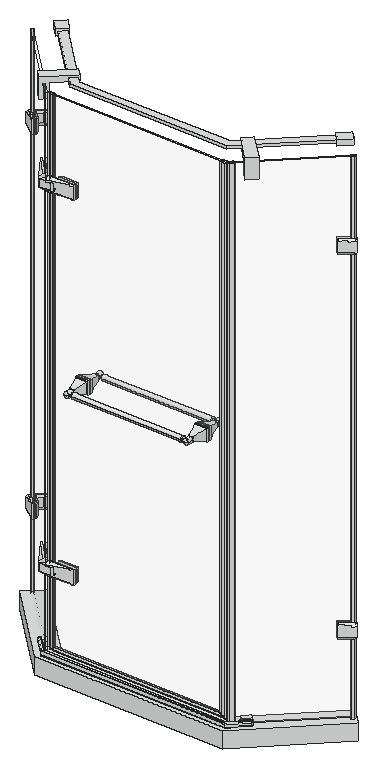
Revit family "Shower-Shower_Door-KOHLER-NEW_MEMOIRS-K-76570T_1", category Specialty Equipment, host Face, Revit 2017 (continued)
Definition of nested family "K-76570T"
  Forms (in)
    Blend 93, solid, material <- "Material", detail levels coarse
      top sketch origin (0, -27.19933, 0) x (1, 0, 0) y (0, 0, -1)
        loop
          arc (-7.56892, -39.84929) -> (-7.8518, -39.7375) -> (-8.1316, -39.8568) r 0.40033
          arc (-8.1316, -39.8568) -> (-8.24678, -40.13912) -> (-8.12973, -40.42067) r 0.40033
      from 13.75714 to 16.86747
    Blend 94, solid, material <- "Material", detail levels coarse
      base sketch origin (2.00787, -27.19933, 0) x (-1, 0, 0) y (0, 0, 1)
        loop
          line (-8.77165, 41.06299) -> (-8.77165, 39.2126) -> (-6.92126, 39.2126) -> (-6.92126, 41.06299) -> (-8.77165, 41.06299)
      top sketch origin (2.00787, -27.19933, 0) x (-1, 0, 0) y (0, 0, 1)
        loop
          arc (-8.12973, 40.42067) -> (-8.24678, 40.13912) -> (-8.1316, 39.8568) r 0.40033
          arc (-8.1316, 39.8568) -> (-7.8518, 39.7375) -> (-7.56892, 39.84929) r 0.40033
          arc (-7.56892, 39.84929) -> (-7.44613, 40.13575) -> (-7.56598, 40.42345) r 0.40033
          arc (-7.56598, 40.42345) -> (-7.84843, 40.53812) -> (-8.12973, 40.42067) r 0.40033
      from 13.75714 to 16.86747
    Extrusion 95, solid, material <- "Material", detail levels coarse
      sketch origin (0, -27.19933, 0) x (0, -1, 0) y (0, 0, -1)
        loop
          circle (-16.38643, -40.1378) r 0.21923
      from -7.76403 to 9.84252
    Extrusion 96, solid, detail levels coarse
      sketch origin (0, 0, 0) x (1, 0, 0) y (0, 1, 0)
        loop
          line (-23.77652, -3.45675) -> (-13.58996, -13.64331) -> (-13.36725, -13.4206) -> (-23.55381, -3.23404) -> (-23.77652, -3.45675)
      from 0 to 77.16535
    Extrusion 97, solid, detail levels coarse
      sketch origin (0, 0, 0) x (1, 0, 0) y (0, 1, 0)
        loop
          line (-12.32876, -13.75714) -> (12.50771, -13.75714) -> (12.50771, -13.44218) -> (-12.32876, -13.44218) -> (-12.32876, -13.75714)
      from 3.74367 to 77.16535
    Extrusion 98, solid, detail levels coarse
      sketch origin (0, 0, 0) x (1, 0, 0) y (0, 1, 0)
        loop
          line (14.16718, -13.06609) -> (23.77652, -3.45675) -> (23.55381, -3.23404) -> (13.94446, -12.84338) -> (14.16718, -13.06609)
      from 0 to 77.16535
    Extrusion 99, solid, material <- "Material", detail levels coarse
      sketch origin (0, 0, 0) x (1, 0, 0) y (0, 0, 1)
        loop
          circle (-7.84646, 40.1378) r 0.19685
        loop
          circle (9.85433, 40.1378) r 0.19685
      from 13.44218 to 13.75714
  Cuts and joins
    Sweep 15, Sweep 18, Sweep 21 cuts Extrusion 14
    Sweep 18, Sweep 24 cuts Extrusion 17
    Sweep 21 cuts Extrusion 20
    Sweep 24 cuts Extrusion 23
    Extrusion 30, Extrusion 36 cuts Blend 28
    Extrusion 36 cuts Extrusion 10
    joined: Extrusion 9, Extrusion 10, Extrusion 11
    Extrusion 36 cuts Blend 34
    Extrusion 40, Extrusion 41, Extrusion 46, Extrusion 47, Extrusion 52, Extrusion 53 cuts Sweep 38
    Extrusion 46, Extrusion 52, Extrusion 53 cuts Revolve 39
    Extrusion 52 cuts Revolve 42
    Extrusion 40, Extrusion 41, Extrusion 46, Extrusion 47, Extrusion 52, Extrusion 53 cuts Extrusion 43
    Extrusion 46, Extrusion 47, Extrusion 58, Extrusion 59 cuts Sweep 44
    Extrusion 58 cuts Revolve 45
    Extrusion 46, Extrusion 47, Extrusion 58, Extrusion 59 cuts Extrusion 48
    joined: Sweep 38, Revolve 39, Revolve 42, Extrusion 43, Sweep 44, Revolve 45, Extrusion 48
    Extrusion 52, Extrusion 53 cuts Sweep 50
    Extrusion 52, Extrusion 53 cuts Extrusion 55
    Extrusion 58, Extrusion 59 cuts Sweep 56
    Extrusion 58, Extrusion 59 cuts Extrusion 60
    joined: Sweep 50, Revolve 51, Revolve 54, Extrusion 55, Sweep 56, Revolve 57, Extrusion 60
    joined: Revolve 66, Revolve 67, Revolve 68, Revolve 69
    joined: Extrusion 2, Extrusion 3, Extrusion 4, Extrusion 5, Extrusion 6
    joined: Sweep 7, Extrusion 8, Extrusion 12, Extrusion 37, Revolve 70, Revolve 71
    joined: Extrusion 62, Extrusion 63, Extrusion 64, Extrusion 65
    joined: Extrusion 96, Extrusion 97, Extrusion 98
    joined: Extrusion 72, Extrusion 73, Extrusion 74, Extrusion 75, Extrusion 76, Extrusion 77, Extrusion 78, Extrusion 79, Extrusion 80, Extrusion 81, Extrusion 82, Extrusion 83, Extrusion 84, Extrusion 85, Extrusion 86, Extrusion 87, Extrusion 88, Extrusion 89, Blend 90, Blend 91, Extrusion 92, Blend 93, Blend 94, Extrusion 95, Extrusion 99
  Lines and regions (in)
    Masking region 1
      outline origin (0, 0, 0) x (1, 0, 0) y (0, 1, 0)
        loop
          line (-22.74843, -1.5896) -> (-25.05906, -3.90022) -> (-13.97908, -14.9802) -> (-8.34197, -14.9802)
          arc (-8.34197, -14.9802) -> (-8.2457, -15.45837) -> (-8.18603, -15.94246) r 6.41598
          line (-8.18603, -15.94246) -> (-8.16876, -15.96806) -> (-8.24679, -16.06105) -> (-8.24679, -16.7406)
          arc (-8.24679, -16.7406) -> (-7.84646, -16.88976) -> (-7.44613, -16.7406) r 0.61178
          line (-7.44613, -16.7406) -> (-7.44613, -16.60566) -> (-7.085, -16.60566) -> (-7.085, -16.77245) -> (0.83053, -16.77245) -> (9.09287, -16.77245) -> (9.09287, -16.60566) -> (9.454, -16.60566) -> (9.454, -16.7406)
          arc (9.454, -16.7406) -> (9.85433, -16.88976) -> (10.25466, -16.7406) r 0.61178
          line (10.25466, -16.7406) -> (10.25466, -16.06105) -> (10.17664, -15.96806) -> (10.1939, -15.94246)
          arc (10.1939, -15.94246) -> (10.25357, -15.45837) -> (10.34985, -14.9802) r 6.41598
          line (10.34985, -14.9802) -> (13.97908, -14.9802) -> (25.05906, -3.90022) -> (22.74843, -1.5896) -> (22.63179, -1.70624)
          arc (22.63179, -1.70624) -> (22.64961, -1.77064) -> (22.67117, -1.83389) r 1.13958
          line (22.67117, -1.83389) -> (14.74476, -9.7603) -> (14.46359, -9.47913) -> (14.04601, -9.06155) -> (20.74125, -2.3663) -> (20.88044, -2.5055) -> (22.27239, -1.11355) -> (21.15883, 0) -> (19.76689, -1.39194) -> (19.90608, -1.53114) -> (13.21084, -8.22638) -> (13.07165, -8.08719) -> (11.95809, -9.20074) -> (12.09729, -9.33993) -> (11.22189, -10.21533) -> (-11.22189, -10.21533) -> (-12.09729, -9.33993) -> (-11.95809, -9.20074) -> (-13.07165, -8.08719) -> (-13.21084, -8.22638) -> (-19.90608, -1.53114) -> (-19.76689, -1.39194) -> (-21.15883, 0) -> (-22.27239, -1.11355) -> (-20.88044, -2.5055) -> (-20.74125, -2.3663) -> (-14.04601, -9.06155) -> (-14.46359, -9.47913) -> (-14.74476, -9.7603) -> (-22.67117, -1.83389)
          arc (-22.67117, -1.83389) -> (-22.64961, -1.77064) -> (-22.63179, -1.70624) r 1.13958
          line (-22.63179, -1.70624) -> (-22.74843, -1.5896)
        loop
          line (-7.44613, -16.06105) -> (-7.44613, -16.16721) -> (-7.085, -16.16721) -> (-7.085, -16.00042) -> (0.92672, -16.00042) -> (9.09287, -16.00042) -> (9.09287, -16.16721) -> (9.454, -16.16721) -> (9.454, -16.06105) -> (9.53203, -15.96806) -> (9.51476, -15.94246)
          arc (9.51476, -15.94246) -> (9.45509, -15.45837) -> (9.35881, -14.9802) r 6.41598
          line (9.35881, -14.9802) -> (-7.35094, -14.9802)
          arc (-7.35094, -14.9802) -> (-7.44721, -15.45837) -> (-7.50689, -15.94246) r 6.41598
          line (-7.50689, -15.94246) -> (-7.52415, -15.96806) -> (-7.44613, -16.06105)
        loop
          line (-12.93245, -10.1751) -> (-13.63121, -10.87385) -> (-12.67586, -11.8292) -> (-8.26073, -11.8292)
          arc (-8.26073, -11.8292) -> (-8.22641, -11.61334) -> (-8.19947, -11.39643) r 6.41598
          line (-8.19947, -11.39643) -> (-11.71112, -11.39643) -> (-12.93245, -10.1751)
        loop
          line (12.66768, -11.8292) -> (13.62712, -10.86976) -> (12.93393, -10.17658) -> (11.71408, -11.39643) -> (10.20734, -11.39643)
          arc (10.20734, -11.39643) -> (10.23429, -11.61334) -> (10.26861, -11.8292) r 6.41598
          line (10.26861, -11.8292) -> (12.66768, -11.8292)
        loop
          arc (-7.49345, -11.39643) -> (-7.4665, -11.61334) -> (-7.43218, -11.8292) r 6.41598
          line (-7.43218, -11.8292) -> (9.44005, -11.8292)
          arc (9.44005, -11.8292) -> (9.47437, -11.61334) -> (9.50132, -11.39643) r 6.41598
          line (9.50132, -11.39643) -> (-7.49345, -11.39643)
    Masking region 2
      outline origin (0, 0, 0) x (1, 0, 0) y (0, 0, 1)
        loop
          line (-19.76689, 77.99213) -> (-22.27239, 77.99213) -> (-22.27239, 77.16535) -> (-24.14446, 77.16535) -> (-24.14446, 66.33146) -> (-24.31601, 66.33146) -> (-24.62351, 66.07664) -> (-24.62351, 64.63202) -> (-24.29881, 64.36295) -> (-24.14446, 64.36295) -> (-24.14446, 16.73849) -> (-24.14446, 15.14984) -> (-24.31551, 15.14984) -> (-24.62351, 14.89462) -> (-24.62351, 13.44999) -> (-24.30116, 13.18288) -> (-24.14446, 13.18288) -> (-24.14446, 2.3622) -> (-25.05906, 2.3622) -> (-25.05906, 0) -> (1.26232, 0) -> (25.05496, 0) -> (25.05496, 2.3622) -> (24.14037, 2.3622) -> (24.14037, 13.18288) -> (24.29707, 13.18288) -> (24.61942, 13.44999) -> (24.61942, 14.89462) -> (24.31142, 15.14984) -> (24.14037, 15.14984) -> (24.14037, 16.73849) -> (24.14037, 64.36295) -> (24.29472, 64.36295) -> (24.61942, 64.63202) -> (24.61942, 66.07664) -> (24.31191, 66.33146) -> (24.14037, 66.33146) -> (24.14037, 77.16535) -> (22.2683, 77.16535) -> (22.2683, 77.99213) -> (19.7628, 77.99213) -> (19.7628, 77.80315) -> (16.44293, 77.80315) -> (16.44293, 77.99213) -> (11.95809, 77.99213) -> (11.95809, 77.80315) -> (-11.95809, 77.80315) -> (-11.95809, 77.99213) -> (-16.44293, 77.99213) -> (-16.44293, 77.80315) -> (-19.76689, 77.80315) -> (-19.76689, 77.99213)
        loop
          line (-19.76689, 77.16535) -> (-16.44293, 77.16535) -> (-16.44293, 77.40945) -> (-19.76689, 77.40945) -> (-19.76689, 77.16535)
        loop
          line (-11.95809, 77.16535) -> (11.95809, 77.16535) -> (11.95809, 77.40945) -> (-11.95809, 77.40945) -> (-11.95809, 77.16535)
        loop
          line (19.76689, 77.40945) -> (16.44293, 77.40945) -> (16.44293, 77.16535) -> (19.76689, 77.16535) -> (19.76689, 77.40945)
        loop
          line (-12.76573, 3.30709) -> (-13.18395, 3.30709) -> (-13.18395, 2.95285) -> (-12.76573, 2.95285) -> (-12.76573, 3.30709)
        loop
          line (13.02167, 3.30709) -> (13.02167, 2.95285) -> (13.3578, 2.95285) -> (13.3578, 3.30709) -> (13.02167, 3.30709)
    Masking region 3
      outline origin (0, 0, 0) x (0, 1, 0) y (0, 0, 1)
        loop
          line (-8.08719, 77.99213) -> (-12.57202, 77.99213) -> (-12.57202, 77.16535) -> (-13.87497, 77.16535) -> (-13.87497, 66.33858) -> (-14.02637, 66.33858) -> (-14.52962, 66.04331) -> (-14.52962, 65.88583) -> (-14.42981, 65.88583) -> (-14.42981, 64.82283) -> (-14.52962, 64.82283) -> (-14.52962, 64.66535) -> (-14.02637, 64.37008) -> (-13.87497, 64.37008) -> (-13.87497, 41.03477)
          arc (-13.87497, 41.03477) -> (-13.89063, 41.02766) -> (-13.90594, 41.01981) r 0.36262
          line (-13.90594, 41.01981) -> (-13.90594, 40.96232) -> (-13.98286, 40.96232)
          arc (-13.98286, 40.96232) -> (-14.94263, 40.6425) -> (-15.94074, 40.47751) r 6.41598
          line (-15.94074, 40.47751) -> (-15.96129, 40.45317) -> (-16.06105, 40.53741) -> (-16.7406, 40.53741)
          arc (-16.7406, 40.53741) -> (-16.88976, 40.1378) -> (-16.7406, 39.73818) r 0.60986
          line (-16.7406, 39.73818) -> (-16.06105, 39.73818) -> (-15.96129, 39.82242) -> (-15.94074, 39.79808)
          arc (-15.94074, 39.79808) -> (-14.94263, 39.6331) -> (-13.98286, 39.31328) r 6.41598
          line (-13.98286, 39.31328) -> (-13.90594, 39.31328) -> (-13.90594, 39.25578)
          arc (-13.90594, 39.25578) -> (-13.89063, 39.24793) -> (-13.87497, 39.24082) r 0.36262
          line (-13.87497, 39.24082) -> (-13.87497, 15.15748) -> (-14.02637, 15.15748) -> (-14.52962, 14.8622) -> (-14.52962, 14.70472) -> (-14.42981, 14.70472) -> (-14.42981, 13.64173) -> (-14.52962, 13.64173) -> (-14.52962, 13.48425) -> (-14.02637, 13.18898) -> (-13.87497, 13.18898) -> (-13.87497, 3.30709) -> (-13.83837, 3.30709) -> (-13.83837, 2.95276) -> (-14.30412, 2.95276)
          arc (-14.30412, 2.95276) -> (-14.31955, 2.94636) -> (-14.32595, 2.93093) r 0.02183
          line (-14.32595, 2.93093) -> (-14.32595, 2.3622) -> (-14.9802, 2.3622) -> (-14.9802, 0) -> (-1.67311, 0) -> (-1.67311, 2.3622) -> (-2.86575, 2.3622) -> (-2.86575, 13.18898) -> (-1.5896, 13.18898) -> (-1.5896, 15.15748) -> (-2.86575, 15.15748) -> (-2.86575, 64.37008) -> (-1.5896, 64.37008) -> (-1.5896, 66.33858) -> (-2.86575, 66.33858) -> (-2.86575, 77.16535) -> (-8.08719, 77.16535) -> (-8.08719, 77.40945) -> (-2.5055, 77.40945) -> (-2.5055, 77.16535) -> (0, 77.16535) -> (0, 77.99213) -> (-2.5055, 77.99213) -> (-2.5055, 77.80315) -> (-8.08719, 77.80315) -> (-8.08719, 77.99213)
    symbolic lines, detail levels medium+fine
      curve 1: line (-20.88044, -2.5055, 0) -> (-19.76689, -1.39194, 0)
      curve 2: line (-13.21084, -8.22638, 0) -> (-14.04601, -9.06155, 0)
      curve 3: line (-16.44293, -11.45847, 0) -> (-15.32938, -12.57202, 0)
      curve 4: line (-15.32938, -12.57202, 0) -> (-13.63121, -10.87385, 0)
      curve 5: line (-13.18395, -13.6039, 0) -> (-14.7726, -12.01525, 0)
      curve 6: line (-24.03556, -3.19771, 0) -> (-16.10886, -11.1244, 0)
      curve 7: line (-22.31704, -4.19083, 0) -> (-23.71063, -2.79724, 0)
      curve 8: line (-23.48951, -2.79724, 0) -> (-22.93273, -2.24047, 0)
      curve 9: arc (-22.93273, -2.24047, 0) -> (-22.7498, -2.00128, 0) -> (-22.63591, -1.72253, 0) r 1.13958
      curve 10: line (-23.48951, -2.79724, 0) -> (-23.71063, -2.79724, 0)
      curve 11: line (-23.71063, -2.79724, 0) -> (-22.63591, -1.72253, 0)
      curve 12: arc (-22.3046, -4.23269, 0) -> (-22.44217, -3.90825, 0) -> (-22.65748, -3.62927, 0) r 1.37905
      curve 13: line (-22.65748, -3.62927, 0) -> (-23.48951, -2.79724, 0)
      curve 14: line (-22.42988, -4.35797, 0) -> (-22.3046, -4.23269, 0)
      curve 15: line (-24.03556, -3.15511, 0) -> (-23.85642, -2.97597, 0)
      curve 16: arc (-23.79037, -2.93331, 0) -> (-24.08497, -2.92559, 0) -> (-24.07725, -3.22018, 0) r 0.20313
      curve 17: arc (-23.85642, -2.97597, 0) -> (-23.83415, -2.96675, 0) -> (-23.81187, -2.97597, 0) r 0.0315
      curve 18: arc (-24.03556, -3.19771, 0) -> (-24.04438, -3.17641, 0) -> (-24.03556, -3.15511, 0) r 0.03012
      curve 19: line (-24.07725, -3.22018, 0) -> (-23.8106, -3.46028, 0)
      curve 20: arc (-23.8106, -3.46028, 0) -> (-23.79278, -3.46609, 0) -> (-23.77652, -3.45675, 0) r 0.02309
      curve 21: line (-23.55011, -3.20015, 0) -> (-23.79037, -2.93331, 0)
      curve 22: arc (-23.55306, -3.23478, 0) -> (-23.54408, -3.2181, 0) -> (-23.55011, -3.20015, 0) r 0.02382
      curve 23: line (-24.62351, -3.46468, 0) -> (-22.76706, -4.69516, 0)
      curve 24: line (-24.31601, -3.15717, 0) -> (-22.7397, -4.66779, 0)
      curve 25: line (-22.76706, -4.69516, 0) -> (-22.65259, -4.58068, 0)
      curve 26: line (-14.74476, -9.7603, 0) -> (-16.44293, -11.45847, 0)
      curve 27: line (-14.99531, -12.23796, 0) -> (-13.40569, -13.82758, 0)
      curve 28: line (-15.88615, -10.90169, 0) -> (-23.81187, -2.97597, 0)
      curve 29: line (-16.18771, -11.04555, 0) -> (-16.24621, -11.10405, 0)
      curve 30: line (-16.24621, -11.10405, 0) -> (-16.18134, -11.19688, 0)
      curve 31: line (-13.98256, -14.34315, 0) -> (-13.43634, -13.79693, 0)
      curve 32: line (-13.40569, -13.82758, 0) -> (-13.34857, -13.82758, 0)
      curve 33: line (-13.34857, -13.82758, 0) -> (-13.18395, -13.66296, 0)
      curve 34: line (-13.18395, -13.66296, 0) -> (-13.18395, -13.6039, 0)
      curve 35: line (-14.71565, -13.29416, 0) -> (-15.91098, -12.09882, 0)
      curve 36: arc (-15.91098, -12.09882, 0) -> (-15.94346, -12.03657, 0) -> (-15.93448, -11.96693, 0) r 0.11707
      curve 37: line (-15.26518, -12.50782, 0) -> (-13.98256, -14.34315, 0)
      curve 38: line (-16.24621, -11.10405, 0) -> (-16.17114, -11.18668, 0)
      curve 39: line (-14.70455, -11.9472, 0) -> (-13.92506, -12.72668, 0)
      curve 40: line (-14.04352, -12.23777, 0) -> (-14.51932, -11.76197, 0)
      curve 41: arc (-13.99816, -12.31954, 0) -> (-14.0151, -12.27547, 0) -> (-14.04352, -12.23777, 0) r 0.16979
      curve 42: arc (-13.84399, -12.6161, 0) -> (-13.93985, -12.47758, 0) -> (-13.99816, -12.31954, 0) r 0.67048
      curve 43: arc (-13.84481, -12.64643, 0) -> (-13.83836, -12.63143, 0) -> (-13.84399, -12.6161, 0) r 0.02206
      curve 44: line (-13.92506, -12.72668, 0) -> (-13.84481, -12.64643, 0)
      curve 45: line (-14.5482, -12.23965, 0) -> (-14.48015, -12.1716, 0)
      curve 46: arc (-14.12821, -11.81967, 0) -> (-14.09391, -11.73686, 0) -> (-14.12821, -11.65405, 0) r 0.11711
      curve 47: line (-14.12821, -11.65405, 0) -> (-14.26981, -11.51246, 0)
      curve 48: line (-14.11474, -12.53701, 0) -> (-14.18279, -12.60506, 0)
      curve 49: line (-14.33619, -12.31555, 0) -> (-14.40424, -12.3836, 0)
      curve 50: line (-14.29492, -11.98637, 0) -> (-14.12821, -11.81967, 0)
      curve 51: line (-13.90403, -14.26463, 0) -> (-13.73885, -14.42981, 0)
      curve 52: line (-13.73885, -14.42981, 0) -> (-12.76573, -14.42981, 0)
      curve 53: line (-12.76573, -13.88284, 0) -> (-13.46179, -13.88284, 0)
      curve 54: line (-13.46179, -13.88284, 0) -> (-13.49201, -13.85261, 0)
      curve 55: line (-13.34024, -13.43296, 0) -> (-12.76573, -13.43296, 0)
      curve 56: line (-12.76573, -13.39359, 0) -> (-13.34024, -13.39359, 0)
      curve 57: line (-13.34024, -13.39359, 0) -> (-13.34024, -13.43296, 0)
      curve 58: line (-12.76573, -13.05417, 0) -> (-12.76573, -14.52962, 0)
      curve 59: line (-12.76573, -14.52962, 0) -> (-9.09278, -13.83987, 0)
      curve 60: arc (-12.02256, -14.42981, 0) -> (-11.92123, -14.41034, 0) -> (-11.83432, -14.35471, 0) r 0.27347
      curve 61: line (-12.23423, -14.42981, 0) -> (-12.02256, -14.42981, 0)
      curve 62: line (-12.76573, -14.02637, 0) -> (-9.09278, -13.81801, 0)
      curve 63: line (-12.69487, -13.75714, 0) -> (12.97628, -13.75714, 0)
      curve 64: arc (-12.69487, -13.75714, 0) -> (-12.71714, -13.74792, 0) -> (-12.72636, -13.72565, 0) r 0.0315
      curve 65: line (-12.72636, -13.72565, 0) -> (-12.72636, -13.47368, 0)
      curve 66: arc (-12.72636, -13.47368, 0) -> (-12.71714, -13.45141, 0) -> (-12.69487, -13.44218, 0) r 0.0315
      curve 67: line (-12.69487, -13.44218, 0) -> (-12.32876, -13.44218, 0)
      curve 68: arc (-12.32876, -13.44218, 0) -> (-12.33432, -13.42383, 0) -> (-12.35151, -13.4153, 0) r 0.02417
      curve 69: arc (-12.35151, -13.4153, 0) -> (-12.55834, -13.39902, 0) -> (-12.76573, -13.39359, 0) r 3.96278
      curve 70: arc (-12.35024, -13.78345, 0) -> (-12.33488, -13.77454, 0) -> (-12.33132, -13.75714, 0) r 0.0217
      curve 71: line (-12.71357, -13.82148, 0) -> (-12.35024, -13.78345, 0)
      curve 72: arc (-12.76573, -13.7745, 0) -> (-12.75011, -13.8096, 0) -> (-12.71357, -13.82148, 0) r 0.04724
      curve 73: line (-12.76573, -13.05417, 0) -> (-8.60507, -13.05417, 0)
      curve 74: line (-11.71237, -13.34595, 0) -> (-9.11395, -13.34595, 0)
      curve 75: line (-9.11395, -13.34595, 0) -> (-9.11395, -13.10851, 0)
      curve 76: arc (-9.11395, -13.10851, 0) -> (-9.12113, -13.09117, 0) -> (-9.13846, -13.08399, 0) r 0.02451
      curve 77: line (-9.13846, -13.08399, 0) -> (-11.2829, -13.08399, 0)
      curve 78: line (-11.71237, -13.23246, 0) -> (-11.71237, -13.34595, 0)
      curve 79: arc (-11.6915, -13.21042, 0) -> (-11.70633, -13.21728, 0) -> (-11.71237, -13.23246, 0) r 0.02206
      curve 80: arc (-11.37279, -13.10974, 0) -> (-11.52577, -13.18026, 0) -> (-11.6915, -13.21042, 0) r 0.67048
      curve 81: arc (-11.2829, -13.08399, 0) -> (-11.32965, -13.09056, 0) -> (-11.37279, -13.10974, 0) r 0.16979
      curve 82: line (-12.35151, -13.41453, 0) -> (-8.76878, -13.41453, 0)
      curve 83: line (-9.09278, -13.81532, 0) -> (-8.76293, -13.81532, 0)
      curve 84: line (-9.09278, -13.83987, 0) -> (-9.09278, -13.75714, 0)
      curve 85: spline (-8.21041, -15.70674, 0) -> (-8.17754, -15.72167, 0) -> (-8.14508, -15.73747, 0) -> (-8.11304, -15.75411, 0) -> (-8.08146, -15.7716, 0) -> (-8.05036, -15.78991, 0) -> (-8.01975, -15.80904, 0) -> (-7.98966, -15.82898, 0) -> (-7.96011, -15.8497, 0) -> (-7.93112, -15.87119, 0) -> (-7.90272, -15.89344, 0) -> (-7.87491, -15.91644, 0) -> (-7.84772, -15.94016, 0)
      curve 86: spline (-7.84772, -15.94016, 0) -> (-7.82033, -15.9163, 0) -> (-7.79232, -15.89317, 0) -> (-7.76371, -15.8708, 0) -> (-7.7345, -15.84919, 0) -> (-7.70474, -15.82838, 0) -> (-7.67443, -15.80836, 0) -> (-7.6436, -15.78915, 0) -> (-7.61226, -15.77077, 0) -> (-7.58045, -15.75322, 0) -> (-7.54819, -15.73654, 0) -> (-7.51549, -15.72071, 0) -> (-7.48238, -15.70576, 0)
      curve 87: line (-8.16876, -15.96806, 0) -> (-7.52415, -15.96806, 0)
      curve 88: line (-7.44613, -16.06105, 0) -> (-8.24679, -16.06105, 0)
      curve 89: line (-7.44613, -16.7406, 0) -> (-8.24679, -16.7406, 0)
      curve 90: line (-7.44613, -16.60566, 0) -> (-7.44613, -16.16721, 0)
      curve 91: arc (-8.34197, -14.9802, 0) -> (-8.48603, -14.47479, 0) -> (-8.67098, -13.98286, 0) r 6.41598
      curve 92: arc (-7.35094, -14.9802, 0) -> (-7.20688, -14.47479, 0) -> (-7.02194, -13.98286, 0) r 6.41598
      curve 93: line (-7.02194, -13.98286, 0) -> (-8.67098, -13.98286, 0)
      curve 94: line (-8.72847, -13.90594, 0) -> (-6.96444, -13.90594, 0)
      curve 95: arc (-8.72847, -13.90594, 0) -> (-8.75808, -13.83387, 0) -> (-8.77162, -13.75714, 0) r 0.36262
      curve 96: line (-8.67098, -13.90594, 0) -> (-8.67098, -13.98286, 0)
      curve 97: line (-7.02194, -13.98286, 0) -> (-7.02194, -13.90594, 0)
      curve 98: arc (-6.96444, -13.90594, 0) -> (-6.93483, -13.83387, 0) -> (-6.9213, -13.75714, 0) r 0.36262
      curve 99: line (-7.02194, -13.93209, 0) -> (1.06601, -13.93209, 0)
      curve 100: line (-7.15575, -14.32595, 0) -> (1.33711, -14.32595, 0)
      curve 101: line (-9.58389, -13.93209, 0) -> (-8.67098, -13.93209, 0)
      curve 102: line (-11.68118, -14.32595, 0) -> (-8.53717, -14.32595, 0)
      curve 103: line (12.99046, -13.44218, 0) -> (-12.32876, -13.44218, 0)
      curve 104: arc (-8.67098, -13.21589, 0) -> (-8.42666, -12.53414, 0) -> (-8.26073, -11.8292, 0) r 6.41598
      curve 105: arc (-7.02194, -13.21589, 0) -> (-7.26625, -12.53414, 0) -> (-7.43218, -11.8292, 0) r 6.41598
      curve 106: line (-8.67098, -13.21589, 0) -> (-7.02194, -13.21589, 0)
      curve 107: line (-6.96444, -13.29282, 0) -> (-8.72847, -13.29282, 0)
      curve 108: line (-8.67098, -13.21589, 0) -> (-8.67098, -13.29282, 0)
      curve 109: line (-7.02194, -13.21589, 0) -> (-7.02194, -13.29282, 0)
      curve 110: arc (-8.77165, -13.44218, 0) -> (-8.75816, -13.36516, 0) -> (-8.72847, -13.29282, 0) r 0.36262
      curve 111: arc (-6.92126, -13.44218, 0) -> (-6.93475, -13.36516, 0) -> (-6.96444, -13.29282, 0) r 0.36262
      curve 112: spline (-8.03028, -11.39643, 0) -> (-8.04472, -11.40541, 0) -> (-8.05927, -11.41422, 0) -> (-8.07394, -11.42284, 0) -> (-8.0887, -11.43127, 0) -> (-8.10358, -11.43953, 0) -> (-8.11855, -11.44759, 0) -> (-8.13363, -11.45547, 0) -> (-8.1488, -11.46316, 0) -> (-8.16407, -11.47066, 0) -> (-8.17943, -11.47797, 0) -> (-8.19488, -11.48509, 0) -> (-8.21041, -11.49201, 0)
      curve 113: spline (-7.48238, -11.493, 0) -> (-7.49813, -11.48601, 0) -> (-7.51379, -11.47883, 0) -> (-7.52936, -11.47146, 0) -> (-7.54483, -11.46389, 0) -> (-7.56021, -11.45612, 0) -> (-7.57548, -11.44816, 0) -> (-7.59066, -11.44001, 0) -> (-7.60573, -11.43167, 0) -> (-7.62069, -11.42314, 0) -> (-7.63555, -11.41442, 0) -> (-7.65029, -11.40552, 0) -> (-7.66492, -11.39643, 0)
      curve 114: line (-6.92998, -13.81532, 0) -> (0.86104, -13.81532, 0)
      curve 115: line (-6.92414, -13.41453, 0) -> (1.28421, -13.41453, 0)
      curve 116: line (-7.08784, -13.05417, 0) -> (1.15197, -13.05417, 0)
      curve 117: line (20.88044, -2.5055, 0) -> (19.76689, -1.39194, 0)
      curve 118: line (13.21084, -8.22638, 0) -> (14.04601, -9.06155, 0)
      curve 119: line (16.44293, -11.45847, 0) -> (15.32938, -12.57202, 0)
      curve 120: line (15.32938, -12.57202, 0) -> (13.62712, -10.86976, 0)
      curve 121: line (24.03556, -3.19771, 0) -> (16.10886, -11.1244, 0)
      curve 122: line (22.31704, -4.19083, 0) -> (23.71063, -2.79724, 0)
      curve 123: line (23.48951, -2.79724, 0) -> (22.93273, -2.24047, 0)
      curve 124: arc (22.93273, -2.24047, 0) -> (22.7498, -2.00128, 0) -> (22.63591, -1.72253, 0) r 1.13958
      curve 125: line (23.48951, -2.79724, 0) -> (23.71063, -2.79724, 0)
      curve 126: line (23.71063, -2.79724, 0) -> (22.63591, -1.72253, 0)
      curve 127: arc (22.3046, -4.23269, 0) -> (22.44217, -3.90825, 0) -> (22.65748, -3.62927, 0) r 1.37905
      curve 128: line (22.65748, -3.62927, 0) -> (23.48951, -2.79724, 0)
      curve 129: line (22.42988, -4.35797, 0) -> (22.3046, -4.23269, 0)
      curve 130: line (24.03556, -3.15511, 0) -> (23.85642, -2.97597, 0)
      curve 131: arc (23.79037, -2.93331, 0) -> (24.08497, -2.92559, 0) -> (24.07725, -3.22018, 0) r 0.20313
      curve 132: arc (23.85642, -2.97597, 0) -> (23.83415, -2.96675, 0) -> (23.81187, -2.97597, 0) r 0.0315
      curve 133: arc (24.03556, -3.19771, 0) -> (24.04438, -3.17641, 0) -> (24.03556, -3.15511, 0) r 0.03012
      curve 134: line (24.07725, -3.22018, 0) -> (23.8106, -3.46028, 0)
      curve 135: arc (23.8106, -3.46028, 0) -> (23.79278, -3.46609, 0) -> (23.77652, -3.45675, 0) r 0.02309
      curve 136: line (23.55011, -3.20015, 0) -> (23.79037, -2.93331, 0)
      curve 137: arc (23.55306, -3.23478, 0) -> (23.54408, -3.2181, 0) -> (23.55011, -3.20015, 0) r 0.02382
      curve 138: line (24.62351, -3.46468, 0) -> (22.76706, -4.69516, 0)
      curve 139: line (24.31601, -3.15717, 0) -> (22.7397, -4.66779, 0)
      curve 140: line (22.76706, -4.69516, 0) -> (22.65259, -4.58068, 0)
      curve 141: line (14.74476, -9.7603, 0) -> (16.44293, -11.45847, 0)
      curve 142: line (15.88615, -10.90169, 0) -> (23.81187, -2.97597, 0)
      curve 143: spline (10.21829, -15.70674, 0) -> (10.18542, -15.72167, 0) -> (10.15295, -15.73747, 0) -> (10.12092, -15.75411, 0) -> (10.08934, -15.7716, 0) -> (10.05823, -15.78991, 0) -> (10.02762, -15.80904, 0) -> (9.99754, -15.82898, 0) -> (9.96799, -15.8497, 0) -> (9.939, -15.87119, 0) -> (9.91059, -15.89344, 0) -> (9.88278, -15.91644, 0) -> (9.85559, -15.94016, 0)
      curve 144: spline (9.85559, -15.94016, 0) -> (9.82821, -15.9163, 0) -> (9.8002, -15.89317, 0) -> (9.77158, -15.8708, 0) -> (9.74238, -15.84919, 0) -> (9.71261, -15.82838, 0) -> (9.6823, -15.80836, 0) -> (9.65147, -15.78915, 0) -> (9.62014, -15.77077, 0) -> (9.58833, -15.75322, 0) -> (9.55606, -15.73654, 0) -> (9.52336, -15.72071, 0) -> (9.49025, -15.70576, 0)
      curve 145: line (10.17664, -15.96806, 0) -> (9.53203, -15.96806, 0)
      curve 146: line (9.454, -16.06105, 0) -> (10.25466, -16.06105, 0)
      curve 147: line (9.454, -16.7406, 0) -> (10.25466, -16.7406, 0)
      curve 148: line (9.454, -16.60566, 0) -> (9.454, -16.16721, 0)
      curve 149: arc (10.34985, -14.9802, 0) -> (10.49391, -14.47479, 0) -> (10.67885, -13.98286, 0) r 6.41598
      curve 150: arc (9.35881, -14.9802, 0) -> (9.21475, -14.47479, 0) -> (9.02981, -13.98286, 0) r 6.41598
      curve 151: line (9.02981, -13.98286, 0) -> (10.67885, -13.98286, 0)
      curve 152: line (10.73634, -13.90594, 0) -> (8.97232, -13.90594, 0)
      curve 153: arc (10.73634, -13.90594, 0) -> (10.76596, -13.83387, 0) -> (10.77949, -13.75714, 0) r 0.36262
      curve 154: line (10.67885, -13.90594, 0) -> (10.67885, -13.98286, 0)
      curve 155: line (9.02981, -13.98286, 0) -> (9.02981, -13.90594, 0)
      curve 156: arc (8.97232, -13.90594, 0) -> (8.94271, -13.83387, 0) -> (8.92917, -13.75714, 0) r 0.36262
      curve 157: line (9.02981, -13.93209, 0) -> (1.06601, -13.93209, 0)
      curve 158: line (9.16362, -14.32595, 0) -> (1.33711, -14.32595, 0)
      curve 159: arc (10.67885, -13.21589, 0) -> (10.43454, -12.53414, 0) -> (10.26861, -11.8292, 0) r 6.41598
      curve 160: arc (9.02981, -13.21589, 0) -> (9.27413, -12.53414, 0) -> (9.44005, -11.8292, 0) r 6.41598
      curve 161: line (10.67885, -13.21589, 0) -> (9.02981, -13.21589, 0)
      curve 162: line (8.97232, -13.29282, 0) -> (10.73634, -13.29282, 0)
      curve 163: line (10.67885, -13.21589, 0) -> (10.67885, -13.29282, 0)
      curve 164: line (9.02981, -13.21589, 0) -> (9.02981, -13.29282, 0)
      curve 165: arc (10.77953, -13.44218, 0) -> (10.76604, -13.36516, 0) -> (10.73634, -13.29282, 0) r 0.36262
      curve 166: arc (8.92913, -13.44218, 0) -> (8.94263, -13.36516, 0) -> (8.97232, -13.29282, 0) r 0.36262
      curve 167: spline (10.03815, -11.39643, 0) -> (10.05259, -11.40541, 0) -> (10.06715, -11.41422, 0) -> (10.08181, -11.42284, 0) -> (10.09658, -11.43127, 0) -> (10.11145, -11.43953, 0) -> (10.12643, -11.44759, 0) -> (10.1415, -11.45547, 0) -> (10.15667, -11.46316, 0) -> (10.17194, -11.47066, 0) -> (10.1873, -11.47797, 0) -> (10.20275, -11.48509, 0) -> (10.21829, -11.49201, 0)
      curve 168: spline (9.49025, -11.493, 0) -> (9.506, -11.48601, 0) -> (9.52166, -11.47883, 0) -> (9.53723, -11.47146, 0) -> (9.5527, -11.46389, 0) -> (9.56808, -11.45612, 0) -> (9.58336, -11.44816, 0) -> (9.59853, -11.44001, 0) -> (9.6136, -11.43167, 0) -> (9.62856, -11.42314, 0) -> (9.64342, -11.41442, 0) -> (9.65816, -11.40552, 0) -> (9.67279, -11.39643, 0)
      curve 169: line (8.93785, -13.81532, 0) -> (0.86104, -13.81532, 0)
      curve 170: line (8.93201, -13.41453, 0) -> (1.28421, -13.41453, 0)
      curve 171: line (9.09571, -13.05417, 0) -> (1.15197, -13.05417, 0)
      curve 172: line (9.09287, -16.16721, 0) -> (9.09287, -16.60566, 0)
      curve 173: line (-7.085, -16.16721, 0) -> (-7.085, -16.60566, 0)
      curve 174: line (13.67874, -14.32595, 0) -> (10.54504, -14.32595, 0)
      curve 175: line (13.67874, -14.32595, 0) -> (15.90585, -12.09884, 0)
      curve 176: line (13.5156, -13.93209, 0) -> (10.67885, -13.93209, 0)
      curve 177: line (13.5156, -13.93209, 0) -> (15.10252, -12.34517, 0)
      curve 178: arc (15.90585, -12.09884, 0) -> (15.9388, -12.03775, 0) -> (15.9328, -11.9686, 0) r 0.1211
      curve 179: line (12.94293, -13.87497, 0) -> (13.35211, -13.87497, 0)
      curve 180: line (13.35211, -13.87497, 0) -> (13.51427, -13.8078, 0)
      curve 181: line (13.51427, -13.8078, 0) -> (13.52693, -13.83837, 0)
      curve 182: line (13.52693, -13.83837, 0) -> (13.66776, -13.78004, 0)
      curve 183: line (13.66776, -13.78004, 0) -> (13.85966, -13.58814, 0)
      curve 184: arc (13.85966, -13.58814, 0) -> (14.03817, -13.36941, 0) -> (14.1692, -13.11932, 0) r 1.40119
      curve 185: arc (14.1692, -13.11932, 0) -> (14.17367, -13.09271, 0) -> (14.16661, -13.06666, 0) r 0.06312
      curve 186: line (14.16661, -13.06666, 0) -> (13.81776, -13.41551, 0)
      curve 187: arc (13.81776, -13.41551, 0) -> (13.79415, -13.42529, 0) -> (13.77054, -13.41551, 0) r 0.03339
      curve 188: line (13.77054, -13.41551, 0) -> (13.59371, -13.23868, 0)
      curve 189: arc (13.59371, -13.23868, 0) -> (13.58449, -13.21641, 0) -> (13.59371, -13.19414, 0) r 0.0315
      curve 190: line (13.59371, -13.19414, 0) -> (13.94446, -12.84338, 0)
      curve 191: arc (13.94446, -12.84338, 0) -> (13.92025, -12.83535, 0) -> (13.8956, -12.84191, 0) r 0.04454
      curve 192: arc (13.8956, -12.84191, 0) -> (13.72387, -12.9618, 0) -> (13.56735, -13.10096, 0) r 1.78665
      curve 193: line (13.56735, -13.10096, 0) -> (13.46991, -13.1984, 0)
      curve 194: arc (13.46991, -13.1984, 0) -> (13.39429, -13.30475, 0) -> (13.3578, -13.43005, 0) r 0.39178
      curve 195: line (13.3578, -13.43005, 0) -> (13.34307, -13.39449, 0)
      curve 196: arc (13.34307, -13.39449, 0) -> (13.21658, -13.34177, 0) -> (13.08072, -13.32379, 0) r 0.52206
      curve 197: line (13.08072, -13.32379, 0) -> (12.94293, -13.32379, 0)
      curve 198: arc (12.94293, -13.32379, 0) -> (12.73583, -13.34254, 0) -> (12.53547, -13.3982, 0) r 1.1528
      curve 199: arc (12.53547, -13.3982, 0) -> (12.51424, -13.41541, 0) -> (12.50751, -13.4419, 0) r 0.04341
      curve 200: line (12.50751, -13.4419, 0) -> (12.99017, -13.4419, 0)
      curve 201: arc (12.99017, -13.4419, 0) -> (13.01244, -13.45112, 0) -> (13.02167, -13.47339, 0) r 0.0315
      curve 202: line (13.02167, -13.47339, 0) -> (13.02167, -13.72536, 0)
      curve 203: arc (13.02167, -13.72536, 0) -> (13.01244, -13.74763, 0) -> (12.99017, -13.75686, 0) r 0.0315
      curve 204: line (12.99017, -13.75686, 0) -> (12.50771, -13.75686, 0)
      curve 205: arc (12.50771, -13.75686, 0) -> (12.50928, -13.78024, 0) -> (12.52642, -13.79623, 0) r 0.03186
      curve 206: arc (12.52642, -13.79623, 0) -> (12.73099, -13.85511, 0) -> (12.94293, -13.87497, 0) r 1.14096
      curve 207: line (13.2955, -13.42966, 0) -> (13.44617, -13.7934, 0)
      curve 208: line (13.44617, -13.7934, 0) -> (13.37342, -13.82353, 0)
      curve 209: line (13.37342, -13.82353, 0) -> (13.22276, -13.4598, 0)
      curve 210: line (13.22276, -13.4598, 0) -> (13.2955, -13.42966, 0)
      curve 211: line (13.46565, -13.395, 0) -> (13.61632, -13.75874, 0)
      curve 212: line (13.61632, -13.75874, 0) -> (13.54357, -13.78887, 0)
      curve 213: line (13.54357, -13.78887, 0) -> (13.39291, -13.42514, 0)
      curve 214: line (13.39291, -13.42514, 0) -> (13.46565, -13.395, 0)
      curve 215: line (12.57925, -13.81545, 0) -> (10.77078, -13.81545, 0)
      curve 216: line (12.51424, -13.41541, 0) -> (10.77677, -13.41541, 0)
      curve 217: line (13.02167, -13.05417, 0) -> (10.61295, -13.05417, 0)
      curve 218: line (13.02167, -13.05417, 0) -> (13.02167, -13.32379, 0)
      curve 219: line (14.7726, -12.01525, 0) -> (13.94446, -12.84338, 0)
      curve 220: line (14.99531, -12.23796, 0) -> (14.16661, -13.06666, 0)
      curve 221: line (14.5482, -12.23965, 0) -> (14.12821, -11.81967, 0)
      curve 222: arc (14.12821, -11.65405, 0) -> (14.09391, -11.73686, 0) -> (14.12821, -11.81967, 0) r 0.11711
      curve 223: line (14.12821, -11.65405, 0) -> (14.26981, -11.51246, 0)
      curve 224: line (-23.77652, 0, 2.3622) -> (-23.77652, 0, 13.18185)
      curve 225: line (-22.65259, 0, 66.33146) -> (-24.31601, 0, 66.33146)
      curve 226: line (-24.62351, 0, 66.07664) -> (-22.76706, 0, 66.29275)
      curve 227: line (-24.62351, 0, 64.63202) -> (-22.76706, 0, 64.41591)
      curve 228: line (-24.29881, 0, 64.36295) -> (-22.65259, 0, 64.36295)
      curve 229: line (-22.76706, 0, 66.29275) -> (-22.76706, 0, 64.41591)
      curve 230: line (-22.65259, 0, 64.36295) -> (-22.65259, 0, 66.33146)
      curve 231: line (-22.7397, 0, 66.33146) -> (-22.76706, 0, 66.29275)
      curve 232: line (-22.76706, 0, 64.41591) -> (-22.72962, 0, 64.36295)
      curve 233: line (-23.77652, 0, 66.33146) -> (-23.77652, 0, 77.16535)
      curve 234: line (-22.65259, 0, 15.15035) -> (-24.31601, 0, 15.15035)
      curve 235: line (-24.62351, 0, 14.89554) -> (-22.76706, 0, 15.11165)
      curve 236: line (-24.62351, 0, 13.45092) -> (-22.76706, 0, 13.23481)
      curve 237: line (-24.29881, 0, 13.18185) -> (-22.65259, 0, 13.18185)
      curve 238: line (-22.76706, 0, 15.11165) -> (-22.76706, 0, 13.23481)
      curve 239: line (-22.65259, 0, 13.18185) -> (-22.65259, 0, 15.15035)
      curve 240: line (-22.7397, 0, 15.15035) -> (-22.76706, 0, 15.11165)
      curve 241: line (-22.76706, 0, 13.23481) -> (-22.72962, 0, 13.18185)
      curve 242: line (-23.77652, 0, 15.15035) -> (-23.77652, 0, 64.36295)
      curve 243: line (25.05496, 0, 2.3622) -> (-24.14446, 0, 2.3622)
      curve 244: line (-16.44293, 0, 75.11811) -> (-16.44293, 0, 77.99213)
      curve 245: line (-16.44293, 0, 75.11811) -> (-15.02315, 0, 75.11811)
      curve 246: line (-15.02315, 0, 75.11811) -> (-15.02315, 0, 77.16535)
      curve 247: line (-15.32938, 0, 77.99213) -> (-15.32938, 0, 75.11811)
      curve 248: line (22.27239, 0, 77.16535) -> (19.76689, 0, 77.16535)
      curve 249: line (-19.76689, 0, 77.16535) -> (-22.27239, 0, 77.16535)
      curve 250: line (-20.74125, 0, 77.40945) -> (-20.74125, 0, 77.80315)
      curve 251: line (-20.88044, 0, 77.99213) -> (-20.88044, 0, 77.16535)
      curve 252: line (-20.74125, 0, 77.80315) -> (-19.757, 0, 77.80315)
      curve 253: line (-20.74125, 0, 77.40945) -> (-19.76689, 0, 77.40945)
      curve 254: line (-11.71112, 0, 77.80315) -> (-11.71112, 0, 77.40945)
      curve 255: line (12.93245, 0, 77.40945) -> (11.95809, 0, 77.40945)
      curve 256: line (-12.93245, 0, 77.40945) -> (-12.93245, 0, 77.80315)
      curve 257: line (-12.93245, 0, 77.80315) -> (-11.95809, 0, 77.80315)
      curve 258: line (12.93245, 0, 77.40945) -> (12.93245, 0, 77.80315)
      curve 259: line (12.93245, 0, 77.80315) -> (11.95809, 0, 77.80315)
      curve 260: line (11.71408, 0, 77.40945) -> (11.71408, 0, 77.80315)
      curve 261: line (16.44293, 0, 75.11811) -> (16.44293, 0, 77.99213)
      curve 262: line (16.44293, 0, 75.11811) -> (15.02315, 0, 75.11811)
      curve 263: line (15.02315, 0, 75.11811) -> (15.02315, 0, 77.16535)
      curve 264: line (15.32938, 0, 77.99213) -> (15.32938, 0, 75.11811)
      curve 265: line (20.74125, 0, 77.40945) -> (20.74125, 0, 77.80315)
      curve 266: line (20.88044, 0, 77.99213) -> (20.88044, 0, 77.16535)
      curve 267: line (20.74125, 0, 77.80315) -> (19.757, 0, 77.80315)
      curve 268: line (20.74125, 0, 77.40945) -> (19.76689, 0, 77.40945)
      curve 269: line (15.02315, 0, 77.16535) -> (11.95809, 0, 77.16535)
      curve 270: line (-13.40569, 0, 2.95285) -> (-13.40569, 0, 13.64173)
      curve 271: line (-13.18395, 0, 2.95285) -> (-13.18395, 0, 13.64173)
      curve 272: line (-12.76573, 0, 77.16535) -> (-12.76573, 0, 65.88583)
      curve 273: line (-12.33132, 0, 3.74367) -> (-12.33132, 0, 13.18898)
      curve 274: line (-13.43634, 0, 66.33858) -> (-16.1902, 0, 66.33858)
      curve 275: line (-13.98256, 0, 66.04331) -> (-16.21069, 0, 66.3096)
      curve 276: line (-16.21069, 0, 64.39906) -> (-16.21069, 0, 66.3096)
      curve 277: line (-13.62671, 0, 66.33858) -> (-13.98256, 0, 66.04331)
      curve 278: line (-13.43634, 0, 64.37008) -> (-13.43634, 0, 64.82283)
      curve 279: line (-16.21069, 0, 64.39906) -> (-13.98256, 0, 64.66535)
      curve 280: line (-16.1902, 0, 64.37008) -> (-16.21069, 0, 64.39906)
      curve 281: line (-16.1902, 0, 64.37008) -> (-13.43634, 0, 64.37008)
      curve 282: line (-16.21069, 0, 66.3096) -> (-16.1902, 0, 66.33858)
      curve 283: line (-13.98256, 0, 64.66535) -> (-13.62671, 0, 64.37008)
      curve 284: line (-13.98256, 0, 66.04331) -> (-13.98256, 0, 64.66535)
      curve 285: line (-13.90403, 0, 64.82283) -> (-13.90403, 0, 65.88583)
      curve 286: line (-11.75346, 0, 65.88583) -> (-13.90403, 0, 65.88583)
      curve 287: line (-13.73885, 0, 64.82283) -> (-13.73885, 0, 65.88583)
      curve 288: line (-13.90403, 0, 64.82283) -> (-11.75346, 0, 64.82283)
      curve 289: line (-13.40569, 0, 65.88583) -> (-13.40569, 0, 77.16535)
      curve 290: line (-13.18395, 0, 65.88583) -> (-13.18395, 0, 77.16535)
      curve 291: line (-12.76573, 0, 64.82283) -> (-12.76573, 0, 14.70472)
      curve 292: line (-12.33132, 0, 66.33858) -> (-12.33132, 0, 77.16535)
      curve 293: line (-13.43634, 0, 66.33858) -> (-13.43634, 0, 65.88583)
      curve 294: line (-9.09278, 0, 66.33858) -> (-12.76573, 0, 66.33858)
      curve 295: line (-9.09278, 0, 66.31673) -> (-12.76573, 0, 66.04331)
      curve 296: line (-9.09278, 0, 64.37008) -> (-9.09278, 0, 66.33858)
      curve 297: line (-12.76573, 0, 64.37008) -> (-9.09278, 0, 64.37008)
      curve 298: line (-12.76573, 0, 64.66535) -> (-9.09278, 0, 64.40619)
      curve 299: line (-11.75346, 0, 64.82283) -> (-11.75346, 0, 65.88583)
      curve 300: line (-13.43634, 0, 15.15748) -> (-16.1902, 0, 15.15748)
      curve 301: line (-13.98256, 0, 14.8622) -> (-16.21069, 0, 15.1285)
      curve 302: line (-16.21069, 0, 13.21796) -> (-16.21069, 0, 15.1285)
      curve 303: line (-13.62671, 0, 15.15748) -> (-13.98256, 0, 14.8622)
      curve 304: line (-13.43634, 0, 13.18898) -> (-13.43634, 0, 13.64173)
      curve 305: line (-16.21069, 0, 13.21796) -> (-13.98256, 0, 13.48425)
      curve 306: line (-16.1902, 0, 13.18898) -> (-16.21069, 0, 13.21796)
      curve 307: line (-16.1902, 0, 13.18898) -> (-13.43634, 0, 13.18898)
      curve 308: line (-16.21069, 0, 15.1285) -> (-16.1902, 0, 15.15748)
      curve 309: line (-13.98256, 0, 13.48425) -> (-13.62671, 0, 13.18898)
      curve 310: line (-13.98256, 0, 14.8622) -> (-13.98256, 0, 13.48425)
      curve 311: line (-13.90403, 0, 13.64173) -> (-13.90403, 0, 14.70472)
      curve 312: line (-11.75346, 0, 14.70472) -> (-13.90403, 0, 14.70472)
      curve 313: line (-13.73885, 0, 13.64173) -> (-13.73885, 0, 14.70472)
      curve 314: line (-13.90403, 0, 13.64173) -> (-11.75346, 0, 13.64173)
      curve 315: line (-13.43634, 0, 15.15748) -> (-13.43634, 0, 14.70472)
      curve 316: line (-9.09278, 0, 15.15748) -> (-12.76573, 0, 15.15748)
      curve 317: line (-9.09278, 0, 15.13562) -> (-12.76573, 0, 14.8622)
      curve 318: line (-9.09278, 0, 13.18898) -> (-9.09278, 0, 15.15748)
      curve 319: line (-12.76573, 0, 13.18898) -> (-9.09278, 0, 13.18898)
      curve 320: line (-12.76573, 0, 13.48425) -> (-9.09278, 0, 13.22508)
      curve 321: line (-11.75346, 0, 13.64173) -> (-11.75346, 0, 14.70472)
      curve 322: line (-13.40569, 0, 14.70472) -> (-13.40569, 0, 64.82283)
      curve 323: line (-13.18395, 0, 14.70472) -> (-13.18395, 0, 64.82283)
      curve 324: line (-12.76573, 0, 13.64173) -> (-12.76573, 0, 3.30709)
      curve 325: line (-12.33132, 0, 15.15748) -> (-12.33132, 0, 64.37008)
      curve 326: line (-12.33132, 0, 3.74367) -> (12.50771, 0, 3.74367)
      curve 327: line (-12.76573, 0, 3.30709) -> (-4.63054, 0, 3.30709)
      curve 328: line (-15.92535, 0, 2.95285) -> (0.04744, 0, 2.95285)
      curve 329: line (-15.9456, 0, 2.9326) -> (-15.9456, 0, 2.3622)
      curve 330: arc (-15.92535, 0, 2.95285) -> (-15.93967, 0, 2.94692) -> (-15.9456, 0, 2.9326) r 0.02024
      curve 331: line (-13.6835, 0, 2.95285) -> (-13.6835, 0, 2.3622)
      curve 332: line (12.50771, 0, 3.74367) -> (12.50771, 0, 77.16535)
      curve 333: line (13.35211, 0, 3.30709) -> (13.35211, 0, 77.16535)
      curve 334: line (13.51427, 0, 2.95285) -> (13.51427, 0, 77.16535)
      curve 335: line (13.66776, 0, 2.95285) -> (13.66776, 0, 77.16535)
      curve 336: line (14.16661, 0, 2.95285) -> (14.16661, 0, 77.16535)
      curve 337: line (13.02167, 0, 3.30709) -> (-4.63054, 0, 3.30709)
      curve 338: line (15.91551, 0, 2.95285) -> (13.3578, 0, 2.95285)
      curve 339: line (15.93576, 0, 2.9326) -> (15.93576, 0, 2.3622)
      curve 340: arc (15.91551, 0, 2.95285) -> (15.92983, 0, 2.94692) -> (15.93576, 0, 2.9326) r 0.02024
      curve 341: line (23.77652, 0, 2.3622) -> (23.77652, 0, 13.18185)
      curve 342: line (22.65259, 0, 66.33146) -> (24.31601, 0, 66.33146)
      curve 343: line (24.62351, 0, 66.07664) -> (22.76706, 0, 66.29275)
      curve 344: line (24.62351, 0, 64.63202) -> (22.76706, 0, 64.41591)
      curve 345: line (24.29881, 0, 64.36295) -> (22.65259, 0, 64.36295)
      curve 346: line (22.76706, 0, 66.29275) -> (22.76706, 0, 64.41591)
      curve 347: line (22.65259, 0, 64.36295) -> (22.65259, 0, 66.33146)
      curve 348: line (22.7397, 0, 66.33146) -> (22.76706, 0, 66.29275)
      curve 349: line (22.76706, 0, 64.41591) -> (22.72962, 0, 64.36295)
      curve 350: line (23.77652, 0, 66.33146) -> (23.77652, 0, 77.16535)
      curve 351: line (22.65259, 0, 15.15035) -> (24.31601, 0, 15.15035)
      curve 352: line (24.62351, 0, 14.89554) -> (22.76706, 0, 15.11165)
      curve 353: line (24.62351, 0, 13.45092) -> (22.76706, 0, 13.23481)
      curve 354: line (24.29881, 0, 13.18185) -> (22.65259, 0, 13.18185)
      curve 355: line (22.76706, 0, 15.11165) -> (22.76706, 0, 13.23481)
      curve 356: line (22.65259, 0, 13.18185) -> (22.65259, 0, 15.15035)
      curve 357: line (22.7397, 0, 15.15035) -> (22.76706, 0, 15.11165)
      curve 358: line (22.76706, 0, 13.23481) -> (22.72962, 0, 13.18185)
      curve 359: line (23.77652, 0, 15.15035) -> (23.77652, 0, 64.36295)
      curve 360: line (-6.92126, 0, 41.06299) -> (-8.77165, 0, 41.06299)
      curve 361: line (-8.77165, 0, 41.06299) -> (-8.77165, 0, 39.2126)
      curve 362: line (-8.77165, 0, 39.2126) -> (-6.92126, 0, 39.2126)
      curve 363: line (-6.92126, 0, 39.2126) -> (-6.92126, 0, 39.75178)
      curve 364: line (-8.72847, 0, 41.01981) -> (-6.96444, 0, 41.01981)
      curve 365: line (-8.72847, 0, 39.25578) -> (-8.72847, 0, 41.01981)
      curve 366: line (-6.96444, 0, 41.01981) -> (-6.96444, 0, 40.52381)
      curve 367: line (-6.96444, 0, 39.25578) -> (-8.72847, 0, 39.25578)
      curve 368: spline (-6.96444, 0, 39.25578) -> (-6.95866, 0, 39.24994) -> (-6.95324, 0, 39.24447) -> (-6.9482, 0, 39.23939) -> (-6.94354, 0, 39.2347) -> (-6.93928, 0, 39.23043) -> (-6.93543, 0, 39.22657) -> (-6.93199, 0, 39.22313) -> (-6.92897, 0, 39.22014) -> (-6.92639, 0, 39.21758) -> (-6.92424, 0, 39.21547) -> (-6.92253, 0, 39.2138) -> (-6.92126, 0, 39.2126)
      curve 369: spline (-6.92126, 0, 41.06299) -> (-6.92247, 0, 41.06173) -> (-6.92413, 0, 41.06001) -> (-6.92624, 0, 41.05786) -> (-6.9288, 0, 41.05528) -> (-6.9318, 0, 41.05226) -> (-6.93523, 0, 41.04882) -> (-6.93909, 0, 41.04497) -> (-6.94336, 0, 41.04071) -> (-6.94805, 0, 41.03605) -> (-6.95313, 0, 41.03101) -> (-6.9586, 0, 41.02559) -> (-6.96444, 0, 41.01981)
      curve 370: spline (-8.77165, 0, 41.06299) -> (-8.77044, 0, 41.06173) -> (-8.76877, 0, 41.06003) -> (-8.76665, 0, 41.05789) -> (-8.76409, 0, 41.05531) -> (-8.76109, 0, 41.05229) -> (-8.75766, 0, 41.04886) -> (-8.7538, 0, 41.045) -> (-8.74952, 0, 41.04074) -> (-8.74484, 0, 41.03608) -> (-8.73977, 0, 41.03103) -> (-8.7343, 0, 41.0256) -> (-8.72847, 0, 41.01981)
      curve 371: spline (-8.77165, 0, 39.2126) -> (-8.7704, 0, 39.21381) -> (-8.76869, 0, 39.21548) -> (-8.76655, 0, 39.2176) -> (-8.76397, 0, 39.22016) -> (-8.76095, 0, 39.22316) -> (-8.75752, 0, 39.2266) -> (-8.75366, 0, 39.23045) -> (-8.7494, 0, 39.23473) -> (-8.74474, 0, 39.23941) -> (-8.73969, 0, 39.24449) -> (-8.73426, 0, 39.24995) -> (-8.72847, 0, 39.25578)
      curve 372: line (-8.67098, 0, 40.96232) -> (-8.67098, 0, 39.31328)
      curve 373: line (-7.02194, 0, 40.96232) -> (-8.67098, 0, 40.96232)
      curve 374: line (-7.02194, 0, 39.31328) -> (-7.02194, 0, 39.75178)
      curve 375: line (-8.67098, 0, 39.31328) -> (-7.02194, 0, 39.31328)
      curve 376: spline (-7.4825, 0, 39.77384) -> (-7.46177, 0, 39.75291) -> (-7.43774, 0, 39.72872) -> (-7.41042, 0, 39.70127) -> (-7.37984, 0, 39.6706) -> (-7.34603, 0, 39.63673) -> (-7.30901, 0, 39.59971) -> (-7.26884, 0, 39.55955) -> (-7.22554, 0, 39.5163) -> (-7.17915, 0, 39.47) -> (-7.12972, 0, 39.4207) -> (-7.0773, 0, 39.36844) -> (-7.02194, 0, 39.31328)
      curve 377: spline (-8.21029, 0, 39.77396) -> (-8.23121, 0, 39.75324) -> (-8.2554, 0, 39.72922) -> (-8.28284, 0, 39.7019) -> (-8.31351, 0, 39.67132) -> (-8.34738, 0, 39.6375) -> (-8.38442, 0, 39.60048) -> (-8.42459, 0, 39.56029) -> (-8.46785, 0, 39.51698) -> (-8.51417, 0, 39.47057) -> (-8.56349, 0, 39.42112) -> (-8.61578, 0, 39.36867) -> (-8.67098, 0, 39.31328)
      curve 378: spline (-8.21041, 0, 40.50175) -> (-8.23114, 0, 40.52268) -> (-8.25517, 0, 40.54687) -> (-8.28249, 0, 40.57432) -> (-8.31308, 0, 40.60499) -> (-8.34689, 0, 40.63886) -> (-8.3839, 0, 40.67589) -> (-8.42407, 0, 40.71604) -> (-8.46738, 0, 40.75929) -> (-8.51376, 0, 40.80559) -> (-8.56319, 0, 40.85489) -> (-8.61561, 0, 40.90715) -> (-8.67098, 0, 40.96232)
      curve 379: spline (-7.02194, 0, 40.96232) -> (-7.07708, 0, 40.90698) -> (-7.12931, 0, 40.85458) -> (-7.17859, 0, 40.80518) -> (-7.22486, 0, 40.75881) -> (-7.2681, 0, 40.71553) -> (-7.30824, 0, 40.67536) -> (-7.34526, 0, 40.63836) -> (-7.37912, 0, 40.60455) -> (-7.40979, 0, 40.57397) -> (-7.43724, 0, 40.54665) -> (-7.46144, 0, 40.52261) -> (-7.48238, 0, 40.50187)
      curve 380: line (-7.085, 0, 40.52381) -> (-7.085, 0, 39.75178)
      curve 381: spline (-7.49143, 0, 39.91857) -> (-7.49067, 0, 39.90686) -> (-7.48992, 0, 39.89508) -> (-7.48917, 0, 39.88323) -> (-7.48842, 0, 39.87132) -> (-7.48767, 0, 39.85935) -> (-7.48693, 0, 39.84731) -> (-7.48619, 0, 39.83521) -> (-7.48544, 0, 39.82305) -> (-7.4847, 0, 39.81083) -> (-7.48397, 0, 39.79856) -> (-7.48323, 0, 39.78622) -> (-7.4825, 0, 39.77384)
      curve 382: spline (-7.4825, 0, 39.77384) -> (-7.54459, 0, 39.77729) -> (-7.60513, 0, 39.78089) -> (-7.66396, 0, 39.78464) -> (-7.72096, 0, 39.78853) -> (-7.77595, 0, 39.79255) -> (-7.82882, 0, 39.79668) -> (-7.87942, 0, 39.80092) -> (-7.92762, 0, 39.80525) -> (-7.97332, 0, 39.80967) -> (-8.01638, 0, 39.81416) -> (-8.0567, 0, 39.81871) -> (-8.09418, 0, 39.82331)
      curve 383: spline (-8.03542, 0, 39.78487) -> (-8.04946, 0, 39.78394) -> (-8.0636, 0, 39.78302) -> (-8.07784, 0, 39.78211) -> (-8.09219, 0, 39.78119) -> (-8.10663, 0, 39.78028) -> (-8.12117, 0, 39.77936) -> (-8.1358, 0, 39.77846) -> (-8.15053, 0, 39.77755) -> (-8.16534, 0, 39.77665) -> (-8.18024, 0, 39.77575) -> (-8.19523, 0, 39.77485) -> (-8.21029, 0, 39.77396)
      curve 384: spline (-8.21029, 0, 39.77396) -> (-8.20947, 0, 39.7891) -> (-8.20864, 0, 39.80417) -> (-8.2078, 0, 39.81914) -> (-8.20695, 0, 39.83403) -> (-8.20609, 0, 39.84882) -> (-8.20522, 0, 39.86352) -> (-8.20434, 0, 39.87813) -> (-8.20345, 0, 39.89264) -> (-8.20256, 0, 39.90705) -> (-8.20166, 0, 39.92136) -> (-8.20074, 0, 39.93556) -> (-8.19982, 0, 39.94966)
      curve 385: spline (-8.19949, 0, 40.32656) -> (-8.20041, 0, 40.34063) -> (-8.20133, 0, 40.3548) -> (-8.20225, 0, 40.36907) -> (-8.20317, 0, 40.38344) -> (-8.20409, 0, 40.39791) -> (-8.205, 0, 40.41247) -> (-8.20591, 0, 40.42713) -> (-8.20682, 0, 40.44188) -> (-8.20772, 0, 40.45672) -> (-8.20862, 0, 40.47165) -> (-8.20952, 0, 40.48666) -> (-8.21041, 0, 40.50175)
      curve 386: spline (-8.21041, 0, 40.50175) -> (-8.19524, 0, 40.50093) -> (-8.18015, 0, 40.5001) -> (-8.16515, 0, 40.49926) -> (-8.15023, 0, 40.49841) -> (-8.1354, 0, 40.49755) -> (-8.12067, 0, 40.49669) -> (-8.10603, 0, 40.49581) -> (-8.09149, 0, 40.49492) -> (-8.07705, 0, 40.49403) -> (-8.06271, 0, 40.49313) -> (-8.04847, 0, 40.49222) -> (-8.03434, 0, 40.4913)
      curve 387: spline (-7.65796, 0, 40.49097) -> (-7.64386, 0, 40.49189) -> (-7.62965, 0, 40.49281) -> (-7.61535, 0, 40.49373) -> (-7.60094, 0, 40.49465) -> (-7.58644, 0, 40.49556) -> (-7.57185, 0, 40.49647) -> (-7.55715, 0, 40.49738) -> (-7.54237, 0, 40.49829) -> (-7.5275, 0, 40.49919) -> (-7.51254, 0, 40.50009) -> (-7.4975, 0, 40.50098) -> (-7.48238, 0, 40.50187)
      curve 388: spline (-7.48238, 0, 40.50187) -> (-7.48305, 0, 40.48948) -> (-7.48372, 0, 40.47713) -> (-7.4844, 0, 40.46485) -> (-7.48509, 0, 40.45262) -> (-7.48578, 0, 40.44045) -> (-7.48648, 0, 40.42834) -> (-7.48719, 0, 40.41629) -> (-7.4879, 0, 40.40431) -> (-7.48862, 0, 40.39239) -> (-7.48934, 0, 40.38053) -> (-7.49007, 0, 40.36874) -> (-7.4908, 0, 40.35702)
      curve 389: circle (-7.84646, 0, 40.1378) r 0.40033 normal (0, -1, 0)
      curve 390: line (-7.085, 0, 39.91857) -> (-7.51149, 0, 39.91857)
      curve 391: line (-7.085, 0, 40.35702) -> (-7.51149, 0, 40.35702)
      curve 392: line (-7.085, 0, 40.52381) -> (0.9252, 0, 40.52381)
      curve 393: line (-7.085, 0, 39.75178) -> (0.96387, 0, 39.75178)
      curve 394: line (-7.02194, 0, 40.52381) -> (-7.02194, 0, 40.96232)
      curve 395: line (-6.96444, 0, 39.75178) -> (-6.96444, 0, 39.25578)
      curve 396: line (-6.92126, 0, 40.52381) -> (-6.92126, 0, 41.06299)
      curve 397: line (8.92913, 0, 41.06299) -> (10.77953, 0, 41.06299)
      curve 398: line (10.77953, 0, 41.06299) -> (10.77953, 0, 39.2126)
      curve 399: line (10.77953, 0, 39.2126) -> (8.92913, 0, 39.2126)
      curve 400: line (8.92913, 0, 39.2126) -> (8.92913, 0, 39.75178)
      curve 401: line (10.73634, 0, 41.01981) -> (8.97232, 0, 41.01981)
      curve 402: line (10.73634, 0, 39.25578) -> (10.73634, 0, 41.01981)
      curve 403: line (8.97232, 0, 41.01981) -> (8.97232, 0, 40.52381)
      curve 404: line (8.97232, 0, 39.25578) -> (10.73634, 0, 39.25578)
      curve 405: spline (8.97232, 0, 39.25578) -> (8.96653, 0, 39.24994) -> (8.96112, 0, 39.24447) -> (8.95607, 0, 39.23939) -> (8.95141, 0, 39.2347) -> (8.94715, 0, 39.23043) -> (8.9433, 0, 39.22657) -> (8.93986, 0, 39.22313) -> (8.93685, 0, 39.22014) -> (8.93426, 0, 39.21758) -> (8.93211, 0, 39.21547) -> (8.9304, 0, 39.2138) -> (8.92913, 0, 39.2126)
      curve 406: spline (8.92913, 0, 41.06299) -> (8.93034, 0, 41.06173) -> (8.932, 0, 41.06001) -> (8.93411, 0, 41.05786) -> (8.93667, 0, 41.05528) -> (8.93967, 0, 41.05226) -> (8.9431, 0, 41.04882) -> (8.94696, 0, 41.04497) -> (8.95124, 0, 41.04071) -> (8.95592, 0, 41.03605) -> (8.96101, 0, 41.03101) -> (8.96647, 0, 41.02559) -> (8.97232, 0, 41.01981)
      curve 407: spline (10.77953, 0, 41.06299) -> (10.77831, 0, 41.06173) -> (10.77664, 0, 41.06003) -> (10.77453, 0, 41.05789) -> (10.77196, 0, 41.05531) -> (10.76896, 0, 41.05229) -> (10.76553, 0, 41.04886) -> (10.76167, 0, 41.045) -> (10.7574, 0, 41.04074) -> (10.75272, 0, 41.03608) -> (10.74764, 0, 41.03103) -> (10.74218, 0, 41.0256) -> (10.73634, 0, 41.01981)
      curve 408: spline (10.77953, 0, 39.2126) -> (10.77827, 0, 39.21381) -> (10.77657, 0, 39.21548) -> (10.77442, 0, 39.2176) -> (10.77184, 0, 39.22016) -> (10.76883, 0, 39.22316) -> (10.76539, 0, 39.2266) -> (10.76154, 0, 39.23045) -> (10.75727, 0, 39.23473) -> (10.75261, 0, 39.23941) -> (10.74756, 0, 39.24449) -> (10.74214, 0, 39.24995) -> (10.73634, 0, 39.25578)
      curve 409: line (10.67885, 0, 40.96232) -> (10.67885, 0, 39.31328)
      curve 410: line (9.02981, 0, 40.96232) -> (10.67885, 0, 40.96232)
